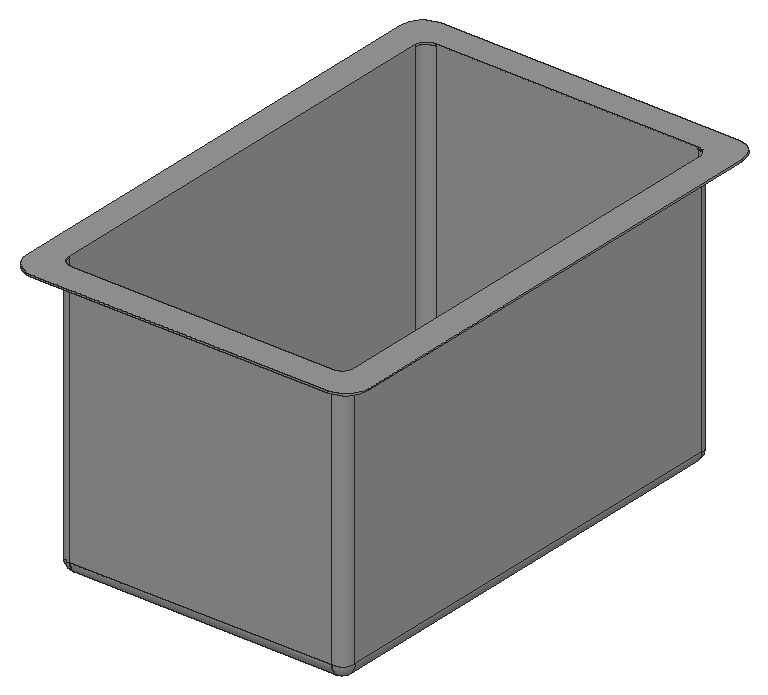
Revit family "BUILDMAT-SNGD021-Jeeves-300-Brass-Gold", category Plumbing Fixtures, host Face, Revit 2020
Family settings
  Host = Face
  Round Connector Dimension = Use Diameter
  Part Type = Normal
  Cut with Voids When Loaded = No
  Shared = No
  Room Calculation Point = No
Parameters (values of type "Jeeves 300x450x250mm")
  Width = 250.0 mm
  Undermount [instance] = 0.0 mm
  URL = "https://www.buildmat.com.au/products/jeeves-300x450-skinny-butler-sink"
  Side Sound Pad = no
  Side Brackets = no
  Model = "SN101021"  # constant formula
  Middle Sound Pad = yes
  Middle Bracket = yes
  Manufacturer URL = "https://www.buildmat.com.au/"
  Manufacturer = "BUILDMAT"  # constant formula
  Length = 400.0 mm
  Description = "BUILDMAT - Jeeves 300x450 Single Bowl Sink"  # constant formula
  Depth = 250.0 mm
  Default Elevation = 1219.2 mm
  Created By URL = "https://www.buildmat.com.au/"
  Created By = "BUILDMAT"  # constant formula
  Created = "22.06.2022"  # constant formula
  Material = BUILDMAT Brass Gold
Reference planes
  plane 1 "Center (Front/Back)": y = 0
  plane 2: z = 0
  plane 3 "Center (Left/Right)": x = 0
  plane 4 "Top Substrate": z = 0
  plane 5 "Left": x = -125
  plane 6 "Right": x = 125
  plane 7 "Back": y = 200
  plane 8 "Front": y = -200
  plane 9: x = -150
  plane 10: x = 150
  plane 11: y = -225
  plane 12: y = 225
  plane 13 "Bottom Void": z = -250
  plane 14: z = 1.5
  plane 15: x = -126.5
  plane 16: y = -201.5
  plane 17: x = 126.5
  plane 18: y = 201.5
  plane 19: z = -240
  plane 20: z = -230
  plane 21: x = -115
  plane 22: x = 115
  plane 23: y = -190
  plane 24: y = 190
  plane 25: z = -245
  plane 26: z = -241.5
  plane 27: z = -246.5
  plane 28: x = -100
  plane 29: x = 100
  plane 30 "Sound Pad": z = -130
  plane 31 "Front Bracket": y = -100
  plane 32 "Back Bracket": y = 100
  plane 33: x = -25
  plane 34: x = 25
  plane 35: x = -57
  plane 36: x = 57
  plane 37: x = -45
  plane 38: x = 45
Forms (mm)
  Extrusion 1, void
    sketch origin (0, 0, 0) x (1, 0, 0) y (0, 1, 0)
      loop
        arc (-115, 200) -> (-122.071, 197.071) -> (-125, 190) r 10
        line (-125, 190) -> (-125, -190)
        arc (-125, -190) -> (-122.071, -197.071) -> (-115, -200) r 10
        line (-115, -200) -> (115, -200)
        arc (115, -200) -> (122.071, -197.071) -> (125, -190) r 10
        line (125, -190) -> (125, 190)
        arc (125, 190) -> (122.071, 197.071) -> (115, 200) r 10
        line (115, 200) -> (-115, 200)
    from 0 to 1.5
  Extrusion 2, void
    sketch origin (0, 0, 0) x (1, 0, 0) y (0, 1, 0)
      loop
        line (-126.5, 201.5) -> (-126.5, -201.5) -> (126.5, -201.5) -> (126.5, 201.5) -> (-126.5, 201.5)
    from 0 to -250
  Extrusion 3, void
    sketch origin (0, 0, 0) x (1, 0, 0) y (0, 1, 0)
      loop
        arc (-130, 225) -> (-144.142, 219.142) -> (-150, 205) r 20
        line (-150, 205) -> (-150, -205)
        arc (-150, -205) -> (-144.142, -219.142) -> (-130, -225) r 20
        line (-130, -225) -> (130, -225)
        arc (130, -225) -> (144.142, -219.142) -> (150, -205) r 20
        line (150, -205) -> (150, 205)
        arc (150, 205) -> (144.142, 219.142) -> (130, 225) r 20
        line (130, 225) -> (-130, 225)
    from 1.5 to 0
  Extrusion 4, solid, material "BUILDMAT Brass Gold" <- "Material"
    sketch origin (0, 0, 0) x (-1, 0, 0) y (0, -1, 0)
      loop
        arc (130, -225) -> (144.142, -219.142) -> (150, -205) r 20
        line (150, -205) -> (150, 205)
        arc (150, 205) -> (144.142, 219.142) -> (130, 225) r 20
        line (130, 225) -> (-130, 225)
        arc (-130, 225) -> (-144.142, 219.142) -> (-150, 205) r 20
        line (-150, 205) -> (-150, -205)
        arc (-150, -205) -> (-144.142, -219.142) -> (-130, -225) r 20
        line (-130, -225) -> (130, -225)
      loop
        arc (115, -200) -> (122.071, -197.071) -> (125, -190) r 10
        line (125, -190) -> (125, 190)
        arc (125, 190) -> (122.071, 197.071) -> (115, 200) r 10
        line (115, 200) -> (-115, 200)
        arc (-115, 200) -> (-122.071, 197.071) -> (-125, 190) r 10
        line (-125, 190) -> (-125, -190)
        arc (-125, -190) -> (-122.071, -197.071) -> (-115, -200) r 10
        line (-115, -200) -> (115, -200)
    from 0 to 1.5
  Extrusion 5, solid, material "BUILDMAT Brass Gold" <- "Material"
    sketch origin (0, 0, 0) x (-1, 0, 0) y (0, -1, 0)
      loop
        arc (115, -201.5) -> (123.132, -198.132) -> (126.5, -190) r 11.5
        line (126.5, -190) -> (126.5, 190)
        arc (126.5, 190) -> (123.132, 198.132) -> (115, 201.5) r 11.5
        line (115, 201.5) -> (-115, 201.5)
        arc (-115, 201.5) -> (-123.132, 198.132) -> (-126.5, 190) r 11.5
        line (-126.5, 190) -> (-126.5, -190)
        arc (-126.5, -190) -> (-123.132, -198.132) -> (-115, -201.5) r 11.5
        line (-115, -201.5) -> (115, -201.5)
      loop
        arc (-115, 200) -> (-122.071, 197.071) -> (-125, 190) r 10
        line (-125, 190) -> (-125, -190)
        arc (-125, -190) -> (-122.071, -197.071) -> (-115, -200) r 10
        line (-115, -200) -> (115, -200)
        arc (115, -200) -> (122.071, -197.071) -> (125, -190) r 10
        line (125, -190) -> (125, 190)
        arc (125, 190) -> (122.071, 197.071) -> (115, 200) r 10
        line (115, 200) -> (-115, 200)
    from 0 to -230
  Revolve 6, solid, material "BUILDMAT Brass Gold" <- "Material"
    sketch origin (-175.162, 190, 1219.2) x (-1, 0, 0) y (0, 0, 1)
      loop
        line (-300.162, -1449.2) -> (-301.662, -1449.2)
        arc (-301.662, -1449.2) -> (-298.293, -1457.332) -> (-290.162, -1460.7) r 11.5
        line (-290.162, -1460.7) -> (-290.162, -1459.2)
        arc (-290.162, -1459.2) -> (-297.233, -1456.271) -> (-300.162, -1449.2) r 10
      axis (-290.162, -1460.7) -> (-290.162, -1449.2)
    angle from 0 to -90
  Revolve 7, solid, material "BUILDMAT Brass Gold" <- "Material"
    sketch origin (-175.162, 190, 1219.2) x (-1, 0, 0) y (0, 0, 1)
      loop
        arc (-50.162, -1449.2) -> (-53.091, -1456.271) -> (-60.162, -1459.2) r 10
        line (-60.162, -1459.2) -> (-60.162, -1460.7)
        arc (-60.162, -1460.7) -> (-52.03, -1457.332) -> (-48.662, -1449.2) r 11.5
        line (-48.662, -1449.2) -> (-50.162, -1449.2)
      axis (-60.162, -1449.2) -> (-60.162, -1460.7)
    angle from 0 to -90
  Revolve 8, solid, material "BUILDMAT Brass Gold" <- "Material"
    sketch origin (-175.162, -190, 1219.2) x (-1, 0, 0) y (0, 0, 1)
      loop
        arc (-50.162, -1449.2) -> (-53.091, -1456.271) -> (-60.162, -1459.2) r 10
        line (-60.162, -1459.2) -> (-60.162, -1460.7)
        arc (-60.162, -1460.7) -> (-52.03, -1457.332) -> (-48.662, -1449.2) r 11.5
        line (-48.662, -1449.2) -> (-50.162, -1449.2)
      axis (-60.162, -1449.2) -> (-60.162, -1460.7)
    angle from 0 to 90
  Revolve 9, solid, material "BUILDMAT Brass Gold" <- "Material"
    sketch origin (-175.162, -190, 1219.2) x (-1, 0, 0) y (0, 0, 1)
      loop
        line (-300.162, -1449.2) -> (-301.662, -1449.2)
        arc (-301.662, -1449.2) -> (-298.293, -1457.332) -> (-290.162, -1460.7) r 11.5
        line (-290.162, -1460.7) -> (-290.162, -1459.2)
        arc (-290.162, -1459.2) -> (-297.233, -1456.271) -> (-300.162, -1449.2) r 10
      axis (-290.162, -1449.2) -> (-290.162, -1460.7)
    angle from 0 to 90
  Extrusion 10, solid, material "BUILDMAT Brass Gold" <- "Material"
    sketch origin (0, 0, 0) x (1, 0, 0) y (0, 0, 1)
      loop
        line (-125, -230) -> (-126.5, -230)
        arc (-126.5, -230) -> (-123.132, -238.132) -> (-115, -241.5) r 11.5
        line (-115, -241.5) -> (-115, -240)
        arc (-115, -240) -> (-122.071, -237.071) -> (-125, -230) r 10
    from -190 to 190
  Extrusion 11, solid, material "BUILDMAT Brass Gold" <- "Material"
    sketch origin (0, 0, 0) x (1, 0, 0) y (0, 0, 1)
      loop
        arc (125, -230) -> (122.071, -237.071) -> (115, -240) r 10
        line (115, -240) -> (115, -241.5)
        arc (115, -241.5) -> (123.132, -238.132) -> (126.5, -230) r 11.5
        line (126.5, -230) -> (125, -230)
    from -190 to 190
  Extrusion 12, solid, material "BUILDMAT Brass Gold" <- "Material"
    sketch origin (0, 0, 0) x (0, 1, 0) y (0, 0, 1)
      loop
        arc (200, -230) -> (197.071, -237.071) -> (190, -240) r 10
        line (190, -240) -> (190, -241.5)
        arc (190, -241.5) -> (198.132, -238.132) -> (201.5, -230) r 11.5
        line (201.5, -230) -> (200, -230)
    from -115 to 115
  Extrusion 13, solid, material "BUILDMAT Brass Gold" <- "Material"
    sketch origin (0, 0, 0) x (0, 1, 0) y (0, 0, 1)
      loop
        line (-200, -230) -> (-201.5, -230)
        arc (-201.5, -230) -> (-198.132, -238.132) -> (-190, -241.5) r 11.5
        line (-190, -241.5) -> (-190, -240)
        arc (-190, -240) -> (-197.071, -237.071) -> (-200, -230) r 10
    from -115 to 115
  Revolve 14, solid, material "BUILDMAT Brass Gold" <- "Material"
    sketch origin (0, 0, 0) x (1, 0, 0) y (0, 0, 1)
      loop
        line (-45, -250) -> (-45, -248.5)
        spline (-45, -248.5) -> (-46.484, -248.459) -> (-47.939, -248.339) -> (-49.337, -248.141) -> (-50.649, -247.871) -> (-51.848, -247.537) -> (-52.908, -247.151) -> (-53.805, -246.726) -> (-54.514, -246.283) -> (-55.023, -245.856) -> (-55.329, -245.483) -> (-55.468, -245.202) -> (-55.5, -245)
        line (-55.5, -245) -> (-57, -245)
        spline (-57, -245) -> (-56.897, -245.653) -> (-56.591, -246.294) -> (-56.087, -246.913) -> (-55.392, -247.5) -> (-54.52, -248.044) -> (-53.485, -248.536) -> (-52.305, -248.967) -> (-51, -249.33) -> (-49.592, -249.619) -> (-48.106, -249.83) -> (-46.566, -249.957) -> (-45, -250)
      axis (0, -245) -> (0, -250)
    angle from 0 to 360
  Blend 15, solid, material "BUILDMAT Brass Gold" <- "Material"
    base sketch origin (0, 0, 0) x (-1, 0, 0) y (0, -1, 0)
      loop
        circle (0, 0) r 57
    top sketch origin (0, 0, 0) x (-1, 0, 0) y (0, -1, 0)
      loop
        line (115, -190) -> (115, 190) -> (-115, 190) -> (-115, -190) -> (115, -190)
    from -246.5 to -241.5
  Blend 16, void
    base sketch origin (0, 0, 0) x (-1, 0, 0) y (0, -1, 0)
      loop
        circle (0, 0) r 57
    top sketch origin (0, 0, 0) x (-1, 0, 0) y (0, -1, 0)
      loop
        line (115, -190) -> (115, 190) -> (-115, 190) -> (-115, -190) -> (115, -190)
    from -245 to -240
  Extrusion 17, solid, material "BUILDMAT Brass Gold" <- "Material"
    sketch origin (0, 0, 0) x (-1, 0, 0) y (0, -1, 0)
      loop
        line (115, -190) -> (115, 190) -> (-115, 190) -> (-115, -190) -> (115, -190)
    from -241.5 to -240
  Extrusion 18, void
    sketch origin (0, 0, 0) x (-1, 0, 0) y (0, -1, 0)
      loop
        circle (0, 0) r 57
    from -250 to -230
Cuts and joins
  joined: Extrusion 4, Extrusion 5
  joined: Revolve 6, Revolve 9
  joined: Revolve 7, Revolve 8
  Blend 16, Extrusion 18 cuts Blend 15
  Blend 16, Extrusion 18 cuts Extrusion 17
  joined: Blend 15, Extrusion 17
Lines and regions (mm)
  Masking region 1
    outline origin (0, 0, 0) x (1, 0, 0) y (0, 0, 1)
      loop
        line (125, 0) -> (-125, 0) -> (-125, -230)
        arc (-125, -230) -> (-122.071, -237.071) -> (-115, -240) r 10
        line (-115, -240) -> (-57, -245) -> (57, -245) -> (115, -240)
        arc (115, -240) -> (122.071, -237.071) -> (125, -230) r 10
        line (125, -230) -> (125, 0)
  Masking region 2
    outline origin (0, 0, 0) x (1, 0, 0) y (0, 0, 1)
      loop
        line (-100, -242.793) -> (-100, -250) -> (-57, -250) -> (-57, -246.5) -> (-100, -242.793)
  Masking region 3
    outline origin (0, 0, 0) x (1, 0, 0) y (0, 0, 1)
      loop
        line (57, -246.5) -> (57, -250) -> (100, -250) -> (100, -242.793) -> (57, -246.5)
Text (mm)
  text "Refer to www.buildmat.com.au for the most current product literature. \nAllow a +/- 5mm tolerance for dimensions shown in the product literature. \nPlease note product details are subject to change due to ongoing product development." at (0.056, -1035.857, 0), in view "Ref. Level"
Dimensions and locks
  "Undermount": plane 2 to plane 4 "Top Substrate"
  equal spacing: plane 5 "Left", plane 3 "Center (Left/Right)", plane 6 "Right"
  "Width": plane 5 "Left" to plane 6 "Right"
  "Length": plane 7 "Back" to plane 8 "Front"
  equal spacing: plane 7 "Back", plane 1 "Center (Front/Back)", plane 8 "Front"
  locked: plane 12 to plane 7 "Back" at 25
  locked: plane 8 "Front" to plane 11 at 25
  locked: plane 9 to plane 5 "Left" at 25
  locked: plane 6 "Right" to plane 10 at 25
  "Depth": plane 4 "Top Substrate" to plane 13 "Bottom Void"
  locked: plane 14 to plane 4 "Top Substrate" at 1.5
  locked: plane 18 to plane 7 "Back" at 1.5
  locked: plane 8 "Front" to plane 16 at 1.5
  plane 15 to plane 5 "Left" = 1.5 mm
  plane 6 "Right" to plane 17 = 1.5 mm
  plane 20 to plane 19 to plane 13 "Bottom Void" = 10.0 mm, 10.0 mm
  locked: plane 5 "Left" to plane 21 at 10
  locked: plane 22 to plane 6 "Right" at 10
  locked: plane 7 "Back" to plane 24 at 10
  locked: plane 23 to plane 8 "Front" at 10
  locked: plane 19 to plane 26 at 1.5
  locked: plane 25 to plane 13 "Bottom Void" at 5
  locked: plane 25 to plane 27 at 1.5
  plane 29 to plane 3 "Center (Left/Right)" to plane 28 = 100.0 mm locked, 100.0 mm locked
  locked: plane 30 "Sound Pad" to plane 13 "Bottom Void" at 120
  locked: plane 7 "Back" to plane 32 "Back Bracket" at 100
  locked: plane 31 "Front Bracket" to plane 8 "Front" at 100
  locked: plane 33 to plane 5 "Left" at 100
  locked: plane 6 "Right" to plane 34 at 100
  equal spacing: plane 3 "Center (Left/Right)", nested 15, plane 33
  equal spacing: plane 34, nested 16, plane 3 "Center (Left/Right)"
  plane 37 to plane 3 "Center (Left/Right)" to plane 38 = 45.0 mm locked, 45.0 mm locked
  plane 35 to plane 3 "Center (Left/Right)" to plane 36 = 57.0 mm locked, 57.0 mm locked
  aligned and locked: plane 2 to host face
  aligned and locked: level to host face
  aligned and locked: plane 8 "Front" to Extrusion 1 sketch curve
  aligned and locked: Extrusion 1 sketch curve to plane 7 "Back"
  aligned and locked: plane 5 "Left" to Extrusion 1 sketch curve
  aligned and locked: Extrusion 1 sketch curve to plane 6 "Right"
  aligned and locked: plane 2 to Extrusion 1
  aligned and locked: Extrusion 1 to plane 14
  aligned and locked: plane 16 to Extrusion 2 sketch curve
  aligned and locked: Extrusion 2 sketch curve to plane 18
  aligned and locked: plane 15 to Extrusion 2 sketch curve
  aligned and locked: plane 17 to Extrusion 2 sketch curve
  aligned and locked: Extrusion 2 to plane 13 "Bottom Void"
  aligned and locked: plane 4 "Top Substrate" to Extrusion 2
  aligned and locked: plane 11 to Extrusion 3 sketch curve
  aligned and locked: plane 9 to Extrusion 3 sketch curve
  aligned and locked: Extrusion 3 sketch curve to plane 10
  aligned and locked: Extrusion 3 sketch curve to plane 12
  aligned and locked: Extrusion 3 to plane 4 "Top Substrate"
  aligned and locked: plane 14 to Extrusion 3
  aligned and locked: plane 11 to Extrusion 4 sketch curve
  aligned and locked: Extrusion 4 sketch curve to plane 12
  aligned and locked: plane 9 to Extrusion 4 sketch curve
  aligned and locked: Extrusion 4 sketch curve to plane 10
  aligned and locked: plane 5 "Left" to Extrusion 4 sketch curve
  aligned and locked: Extrusion 4 sketch curve to plane 6 "Right"
  aligned and locked: Extrusion 4 sketch curve to plane 7 "Back"
  aligned and locked: plane 8 "Front" to Extrusion 4 sketch curve
  aligned and locked: Extrusion 5 sketch curve to plane 7 "Back"
  aligned and locked: plane 5 "Left" to Extrusion 5 sketch curve
  aligned and locked: Extrusion 5 sketch curve to plane 6 "Right"
  aligned and locked: plane 8 "Front" to Extrusion 5 sketch curve
  aligned and locked: plane 15 to Extrusion 5 sketch curve
  aligned and locked: plane 16 to Extrusion 5 sketch curve
  aligned and locked: plane 17 to Extrusion 5 sketch curve
  aligned and locked: Extrusion 5 sketch curve to plane 18
  aligned and locked: Extrusion 5 to plane 20
  aligned and locked: plane 4 "Top Substrate" to Extrusion 5
  aligned and locked: Extrusion 11 to plane 23
  aligned and locked: plane 24 to Extrusion 11
  aligned and locked: plane 24 to Extrusion 10
  aligned and locked: Extrusion 10 to plane 23
  aligned and locked: Extrusion 13 to plane 21
  aligned and locked: plane 22 to Extrusion 13
  aligned and locked: plane 22 to Extrusion 12
  aligned and locked: Extrusion 12 to plane 21
  aligned and locked: plane 21 to Blend 15 sketch curve
  aligned and locked: Blend 15 sketch curve to plane 22
  aligned and locked: plane 23 to Blend 15 sketch curve
  aligned and locked: Blend 15 sketch curve to plane 24
  aligned and locked: plane 27 to Blend 15
  aligned and locked: plane 26 to Blend 15
  aligned and locked: Blend 16 sketch curve to plane 24
  aligned and locked: plane 21 to Blend 16 sketch curve
  aligned and locked: Blend 16 sketch curve to plane 22
  aligned and locked: plane 23 to Blend 16 sketch curve
  aligned and locked: Blend 16 to plane 25
  aligned and locked: plane 19 to Blend 16
  aligned and locked: Extrusion 17 sketch curve to plane 24
  aligned and locked: plane 23 to Extrusion 17 sketch curve
  aligned and locked: plane 21 to Extrusion 17 sketch curve
  aligned and locked: Extrusion 17 sketch curve to plane 22
  aligned and locked: Extrusion 17 to plane 26
  aligned and locked: plane 19 to Extrusion 17
  aligned and locked: Extrusion 18 to plane 13 "Bottom Void"
  aligned and locked: plane 20 to Extrusion 18
  aligned and locked: cut or joined group of Blend 15, Blend 16, Extrusion 17, Extrusion 18 to Masking region 2 sketch curve
  aligned and locked: Masking region 3 sketch curve to cut or joined group of Blend 15, Blend 16, Extrusion 17, Extrusion 18
  aligned and locked: plane 3 "Center (Left/Right)" to nested 1
  aligned and locked: nested 1 to plane 4 "Top Substrate"
  aligned and locked: plane 3 "Center (Left/Right)" to nested 2
  aligned and locked: nested 2 to plane 30 "Sound Pad"
  aligned and locked: nested 3 to plane 18
  aligned and locked: plane 3 "Center (Left/Right)" to nested 3
  aligned and locked: plane 16 to nested 4
  aligned and locked: nested 4 to plane 3 "Center (Left/Right)"
  aligned and locked: plane 31 "Front Bracket" to nested 6
  aligned and locked: plane 15 to nested 6
  aligned and locked: nested 8 to plane 31 "Front Bracket"
  aligned and locked: plane 17 to nested 8
  aligned and locked: nested 7 to plane 32 "Back Bracket"
  aligned and locked: plane 17 to nested 7
  aligned and locked: plane 32 "Back Bracket" to nested 5
  aligned and locked: plane 15 to nested 5
  aligned and locked: nested 9 to plane 4 "Top Substrate"
  aligned and locked: nested 9 to plane 33
  aligned and locked: nested 10 to plane 4 "Top Substrate"
  aligned and locked: nested 10 to plane 34
  aligned and locked: nested 13 to plane 33
  aligned and locked: nested 14 to plane 34
  aligned and locked: plane 16 to nested 13
  aligned and locked: plane 16 to nested 14
  aligned and locked: plane 33 to nested 11
  aligned and locked: nested 11 to plane 18
  aligned and locked: plane 34 to nested 12
  aligned and locked: nested 12 to plane 18
  aligned and locked: nested 15 to plane 30 "Sound Pad"
  aligned and locked: nested 16 to plane 30 "Sound Pad"
  aligned and locked: plane 23 to nested 17
  aligned and locked: plane 24 to nested 17
  aligned and locked: plane 22 to nested 17
  aligned and locked: plane 21 to nested 17
  aligned and locked: plane 3 "Center (Left/Right)" to nested 18
  aligned and locked: plane 1 "Center (Front/Back)" to nested 18
  aligned and locked: plane 4 "Top Substrate" to Masking region 1
Automatic sketch dimensions
  host sketch curve to host sketch curve = 2438.4 mm  (x2)
  plane 5 "Left" to Extrusion 1 sketch curve = 10.0 mm  (x2)
  Extrusion 1 sketch curve to plane 6 "Right" = 10.0 mm  (x2)
  Extrusion 4 sketch curve to plane 10 = 20.0 mm  (x2)
  Extrusion 4 sketch curve to Extrusion 4 sketch curve = 10.0 mm  (x2)
  plane 5 "Left" to Extrusion 4 sketch curve = 10.0 mm
  plane 9 to Extrusion 4 sketch curve = 20.0 mm
  plane 8 "Front" to Extrusion 4 sketch curve = 10.0 mm
  plane 11 to Extrusion 4 sketch curve = 20.0 mm
  Extrusion 3 sketch curve to plane 5 "Left" = 5.0 mm
  plane 6 "Right" to Extrusion 3 sketch curve = 5.0 mm  (x2)
  plane 7 "Back" to Extrusion 3 sketch curve = 5.0 mm
  plane 5 "Left" to Extrusion 5 sketch curve = 10.0 mm
  Extrusion 5 sketch curve to plane 6 "Right" = 10.0 mm
  plane 8 "Front" to Extrusion 5 sketch curve = 10.0 mm
  Extrusion 5 sketch curve to plane 7 "Back" = 10.0 mm
  Extrusion 5 sketch curve to Extrusion 5 sketch curve = 0.0 mm  (x4)
  Revolve 6 sketch curve to Revolve 6 sketch curve = 0.0 mm  (x3)
  plane 17 to Revolve 6 sketch curve = 0.0 mm
  Revolve 6 sketch curve to plane 6 "Right" = 0.0 mm
  Revolve 6 sketch curve to plane 22 = 0.0 mm  (x2)
  Revolve 6 sketch curve to plane 19 = 0.0 mm
  Revolve 6 sketch curve to plane 20 = 0.0 mm
  Revolve 7 sketch curve to Revolve 7 sketch curve = 0.0 mm  (x3)
  Revolve 7 sketch curve to plane 20 = 0.0 mm  (x2)
  Revolve 7 sketch curve to plane 21 = 0.0 mm  (x2)
  Revolve 7 sketch curve to plane 5 "Left" = 0.0 mm
  Revolve 7 sketch curve to plane 15 = 0.0 mm
  Revolve 8 sketch curve to Revolve 8 sketch curve = 0.0 mm  (x3)
  Revolve 8 sketch curve to plane 20 = 0.0 mm  (x2)
  Revolve 8 sketch curve to plane 21 = 0.0 mm  (x2)
  Revolve 8 sketch curve to plane 5 "Left" = 0.0 mm
  Revolve 8 sketch curve to plane 15 = 0.0 mm
  Revolve 9 sketch curve to Revolve 9 sketch curve = 0.0 mm  (x3)
  plane 17 to Revolve 9 sketch curve = 0.0 mm
  Revolve 9 sketch curve to plane 6 "Right" = 0.0 mm
  Revolve 9 sketch curve to plane 22 = 0.0 mm  (x2)
  Revolve 9 sketch curve to plane 20 = 0.0 mm
  Revolve 9 sketch curve to plane 19 = 0.0 mm
  Extrusion 10 sketch curve to plane 15 = 0.0 mm
  Extrusion 10 sketch curve to plane 5 "Left" = 0.0 mm
  Extrusion 10 sketch curve to plane 19 = 0.0 mm
  Extrusion 10 sketch curve to plane 21 = 0.0 mm
  Extrusion 11 sketch curve to plane 20 = 0.0 mm
  Extrusion 11 sketch curve to plane 22 = 0.0 mm
  Extrusion 11 sketch curve to plane 6 "Right" = 0.0 mm
  plane 17 to Extrusion 11 sketch curve = 0.0 mm
  Extrusion 12 sketch curve to plane 20 = 0.0 mm
  Extrusion 12 sketch curve to plane 24 = 0.0 mm
  Extrusion 12 sketch curve to plane 7 "Back" = 0.0 mm
  Extrusion 12 sketch curve to plane 18 = 0.0 mm
  Extrusion 13 sketch curve to plane 16 = 0.0 mm
  Extrusion 13 sketch curve to plane 8 "Front" = 0.0 mm
  Extrusion 13 sketch curve to plane 23 = 0.0 mm
  Extrusion 13 sketch curve to plane 19 = 0.0 mm
  Revolve 14 sketch curve to plane 25 = 0.0 mm
  Revolve 14 sketch curve to plane 13 "Bottom Void" = 0.0 mm  (x2)
  Revolve 14 sketch curve to plane 3 "Center (Left/Right)" = 0.0 mm
  Revolve 14 sketch curve to plane 20 = 0.0 mm
  Revolve 14 sketch curve to plane 3 "Center (Left/Right)" = 45.0 mm
  Revolve 14 sketch curve to Revolve 14 sketch curve = 10.5 mm
  Revolve 14 sketch curve to Revolve 14 sketch curve = 1.5 mm  (x2)
  Revolve 14 sketch curve to Revolve 14 sketch curve = 0.0 mm
  plane 1 "Center (Front/Back)" to Blend 15 sketch curve = 0.0 mm
  Blend 15 sketch curve to plane 3 "Center (Left/Right)" = 0.0 mm
  plane 1 "Center (Front/Back)" to Blend 16 sketch curve = 0.0 mm
  Blend 16 sketch curve to plane 3 "Center (Left/Right)" = 0.0 mm
  plane 1 "Center (Front/Back)" to Extrusion 18 sketch curve = 0.0 mm
  Extrusion 18 sketch curve to plane 3 "Center (Left/Right)" = 0.0 mm
  Masking region 1 sketch curve to level = 0.0 mm
  Masking region 1 sketch curve to plane 20 = 0.0 mm
  Masking region 1 sketch curve to plane 21 = 0.0 mm
  Masking region 1 sketch curve to plane 25 = 0.0 mm
  Masking region 1 sketch curve to plane 3 "Center (Left/Right)" = 57.0 mm
  plane 3 "Center (Left/Right)" to Masking region 1 sketch curve = 57.0 mm
  Masking region 1 sketch curve to plane 19 = 0.0 mm
  Masking region 1 sketch curve to plane 22 = 0.0 mm
  Masking region 1 sketch curve to plane 6 "Right" = 0.0 mm
  Masking region 1 sketch curve to plane 5 "Left" = 0.0 mm
  Masking region 2 sketch curve to plane 28 = 0.0 mm
  Masking region 2 sketch curve to plane 13 "Bottom Void" = 0.0 mm
  Masking region 2 sketch curve to plane 27 = 0.0 mm
  Masking region 3 sketch curve to plane 27 = 0.0 mm
  Masking region 3 sketch curve to plane 13 "Bottom Void" = 0.0 mm
  Masking region 3 sketch curve to plane 29 = 0.0 mm
  radius of Blend 15 sketch curve = 57.0 mm
  radius of Blend 16 sketch curve = 57.0 mm
  radius of Extrusion 18 sketch curve = 57.0 mm
Nested families
  nested 1: "TMB_Front" at (0, 0, 0) x (1, 0, 0) z (0, -1, 0), visible <- "Middle Bracket", type "TMB_Front"
  nested 2: "SP_Front" at (0, 0, -130) x (1, 0, 0) z (0, -1, 0), visible <- "Middle Sound Pad", type "SP_Front"
  nested 3: "TMB_Plan" at (0, 201.5, 0), visible <- "Middle Bracket", type "TMB_Plan"
  nested 4: "TMB_Plan" at (0, -201.5, 0) x (-1, 0, 0) z (0, 0, 1), visible <- "Middle Bracket", type "TMB_Plan"
  nested 5: "TMB_Plan" at (-126.5, 100, 0) x (0, 1, 0) z (0, 0, 1), type "TMB_Plan"
  nested 6: "TMB_Plan" at (-126.5, -100, 0) x (0, 1, 0) z (0, 0, 1), type "TMB_Plan"
  nested 7: "TMB_Plan" at (126.5, 100, 0) x (0, -1, 0) z (0, 0, 1), type "TMB_Plan"
  nested 8: "TMB_Plan" at (126.5, -100, 0) x (0, -1, 0) z (0, 0, 1), type "TMB_Plan"
  nested 9: "TMB_Front" at (-25, 0, 0) x (1, 0, 0) z (0, -1, 0), visible <- "Side Brackets", type "TMB_Front"
  nested 10: "TMB_Front" at (25, 0, 0) x (1, 0, 0) z (0, -1, 0), visible <- "Side Brackets", type "TMB_Front"
  nested 11: "TMB_Plan" at (-25, 201.5, 0), visible <- "Side Brackets", type "TMB_Plan"
  nested 12: "TMB_Plan" at (25, 201.5, 0), visible <- "Side Brackets", type "TMB_Plan"
  nested 13: "TMB_Plan" at (-25, -201.5, 0) x (-1, 0, 0) z (0, 0, 1), visible <- "Side Brackets", type "TMB_Plan"
  nested 14: "TMB_Plan" at (25, -201.5, 0) x (-1, 0, 0) z (0, 0, 1), visible <- "Side Brackets", type "TMB_Plan"
  nested 15: "SP_Front" at (-12.5, 0, -130) x (1, 0, 0) z (0, -1, 0), visible <- "Side Sound Pad", type "SP_Front"
  nested 16: "SP_Front" at (12.5, 0, -130) x (1, 0, 0) z (0, -1, 0), visible <- "Side Sound Pad", type "SP_Front"
  nested 17: "BOWL Plan" at (0, 0, -130), type "BOWL Plan"
    with Width 230.0 mm, Lenght 380.0 mm
  nested 18: "DRAIN" at (0, 0, 0), type "DRAIN"
Definition of nested family "TMB_Front"
  Reference planes
    plane 1 "Center (Elevation)": y = 0
    plane 2: z = 0
    plane 3 "Center (Left/Right)": x = 0
  Lines and regions (mm)
    Masking region 1, in view "Ref. Level"
      outline origin (0, 0, 0) x (1, 0, 0) y (0, 1, 0)
        loop
          line (-17.5, 0) -> (-17.5, -80) -> (17.5, -80) -> (17.5, 0) -> (-17.5, 0)
    detail lines, in view "Ref. Level"
      curve 1: line (-17.5, 0, 0) -> (-17.5, -80, 0)
      curve 2: line (-17.5, -80, 0) -> (17.5, -80, 0)
      curve 3: line (17.5, -80, 0) -> (17.5, 0, 0)
      curve 4: line (-12.5, -50, 0) -> (12.5, -50, 0)
      curve 5: line (-12.5, -75, 0) -> (-12.5, -50, 0)
      curve 6: line (12.5, -75, 0) -> (-12.5, -75, 0)
      curve 7: line (12.5, -50, 0) -> (12.5, -75, 0)
Definition of nested family "SP_Front"
  Reference planes
    plane 1 "Center (Elevation)": y = 0
    plane 2: z = 0
    plane 3 "Center (Left/Right)": x = 0
  Lines and regions (mm)
    Masking region 1, in view "Ref. Level"
      outline origin (0, 0, 0) x (1, 0, 0) y (0, 1, 0)
        loop
          arc (-50, 40) -> (-57.071, 37.071) -> (-60, 30) r 10
          line (-60, 30) -> (-60, -30)
          arc (-60, -30) -> (-57.071, -37.071) -> (-50, -40) r 10
          line (-50, -40) -> (50, -40)
          arc (50, -40) -> (57.071, -37.071) -> (60, -30) r 10
          line (60, -30) -> (60, 30)
          arc (60, 30) -> (57.071, 37.071) -> (50, 40) r 10
          line (50, 40) -> (-50, 40)
    detail lines, in view "Ref. Level"
      curve 1: line (-50, 40, 0) -> (50, 40, 0)
      curve 2: line (50, -40, 0) -> (-50, -40, 0)
      curve 3: line (60, 30, 0) -> (60, -30, 0)
      curve 4: line (-60, 30, 0) -> (-60, -30, 0)
      curve 5: arc (-50, 40, 0) -> (-57.071, 37.071, 0) -> (-60, 30, 0) r 10
      curve 6: arc (-60, -30, 0) -> (-57.071, -37.071, 0) -> (-50, -40, 0) r 10
      curve 7: arc (50, -40, 0) -> (57.071, -37.071, 0) -> (60, -30, 0) r 10
      curve 8: arc (60, 30, 0) -> (57.071, 37.071, 0) -> (50, 40, 0) r 10
  Dimensions and locks
    aligned and locked: Masking region 1 sketch curve to curve 1
    aligned and locked: Masking region 1 sketch curve to curve 4
    aligned and locked: Masking region 1 sketch curve to curve 2
    aligned and locked: Masking region 1 sketch curve to curve 3
Definition of nested family "TMB_Plan"
  Reference planes
    plane 1 "Center (Front/Back)": y = 0
    plane 2: z = 0
    plane 3 "Center (Left/Right)": x = 0
  Lines and regions (mm)
    detail lines, in view "Ref. Level"
      curve 1: line (-17.5, 0, 0) -> (17.5, 0, 0)
      curve 2: line (17.5, 0, 0) -> (17.5, 5, 0)
      curve 3: line (17.5, 5, 0) -> (12.5, 5, 0)
      curve 4: line (-17.5, 0, 0) -> (-17.5, 5, 0)
      curve 5: line (-17.5, 5, 0) -> (-12.5, 5, 0)
Definition of nested family "BOWL Plan"
  Parameters (values of type "BOWL Plan")
    Width [instance] = 600.0 mm
    Lenght [instance] = 400.0 mm
  Reference planes
    plane 1 "Center (Front/Back)": y = 0
    plane 2: z = 0
    plane 3 "Center (Left/Right)": x = 0
    plane 4 "Left": x = -300
    plane 5 "Right": x = 300
    plane 6 "Back": y = 200
    plane 7 "Front": y = -200
  Lines and regions (mm)
    Masking region 1, in view "Ref. Level"
      outline origin (0, 0, 0) x (1, 0, 0) y (0, 1, 0)
        loop
          line (-300, 200) -> (-300, -200) -> (300, -200) -> (300, 200) -> (-300, 200)
    detail lines, in view "Ref. Level"
      curve 1: line (-300, 200, 0) -> (300, -200, 0)
      curve 2: line (-300, -200, 0) -> (300, 200, 0)
  Dimensions and locks
    equal spacing: plane 6 "Back", plane 1 "Center (Front/Back)", plane 7 "Front"
    "Lenght": plane 6 "Back" to plane 7 "Front"
    equal spacing: plane 4 "Left", plane 3 "Center (Left/Right)", plane 5 "Right"
    "Width": plane 4 "Left" to plane 5 "Right"
    aligned and locked: plane 4 "Left" to Masking region 1 sketch curve
    aligned and locked: Masking region 1 sketch curve to plane 5 "Right"
    aligned and locked: plane 7 "Front" to Masking region 1 sketch curve
    aligned and locked: Masking region 1 sketch curve to plane 6 "Back"
  Automatic sketch dimensions
    curve 2 to plane 4 "Left" = 0.0 mm
    curve 1 to plane 4 "Left" = 0.0 mm
    curve 2 to plane 5 "Right" = 0.0 mm
    curve 1 to plane 5 "Right" = 0.0 mm
    curve 1 to plane 7 "Front" = 0.0 mm
    curve 2 to plane 7 "Front" = 0.0 mm
    curve 2 to plane 6 "Back" = 0.0 mm
    curve 1 to plane 6 "Back" = 0.0 mm
Definition of nested family "DRAIN"
  Reference planes
    plane 1 "Center (Front/Back)": y = 0
    plane 2: z = 0
    plane 3 "Center (Left/Right)": x = 0
  Lines and regions (mm)
    Masking region 1, in view "Ref. Level"
      outline origin (0, 0, 0) x (1, 0, 0) y (0, 1, 0)
        loop
          circle (0, 0) r 57
    detail lines, in view "Ref. Level"
      curve 1: circle (0, 0, 0) r 45 normal (0, 0, 1)
      curve 2: circle (0, 0, 0) r 55.5 normal (0, 0, 1)
